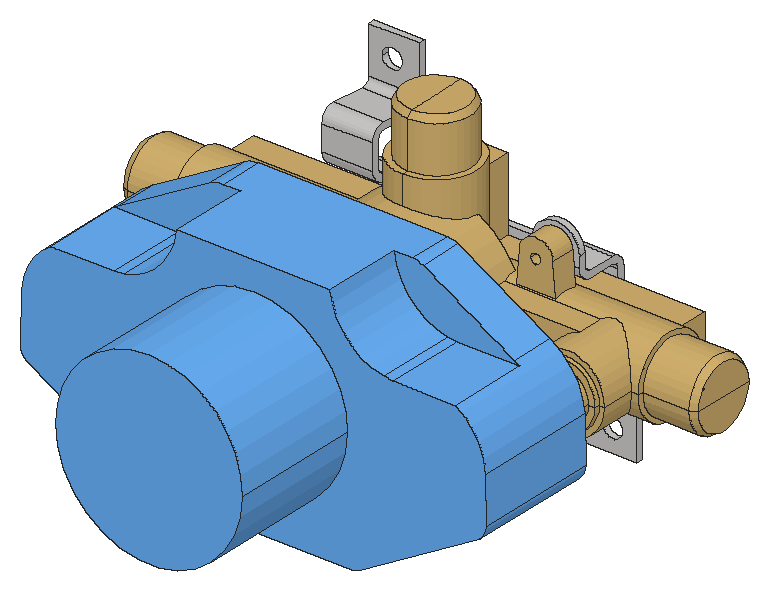
Revit family "Rough_In_Valve-GROHE-Grohtherm-35015001", category Pipe Accessories, Revit 2014
Parameters (values of type "35015001")
  Width = 6 13/16"
  Waste Connection = no
  Warranty Information = "Limited Lifetime Warranty"
  WFU = 4
  Vent Connection = no
  URL = "https://www.grohe.us"
  Tempered Water Connection Diameter = 1/2"
  Product Page URL = "https://www.grohe.us/en_us/universal-pressure-balance-rough-in-valve-35015001.html"
  Price = "Prices may vary. Please consult Manufacturer Representative for most up-to-date price list."  # constant formula
  Model = "35015001"
  Material = "Copper-Grohe-000-Brass"
  Manufacturer = "GROHE"
  Installation Type = "Wall Installation"
  IAPMO Compliance = "cUPC"
  Hot Water Connection Diameter = 1/2"
  Height = 4 1/8"
  HWFU = 3
  HW Connection = yes
  Flow Rate = "(top port) 5.5 gpm at 45 psi (21 l/min), (bottom port) 5.8 gpm at 45 psi (22 l/min)"
  Description = "Grohsafe Universal Pressure Balance Rough-In valve"
  Default Elevation = 0"
  Creation Date = "2017/05/19"  # constant formula
  Cold Water Connection Radius = 1/4"
  Cold Water Connection Diameter = Cold Water Connection Radius * 2  # 1/2"
  CWFU = 2
  CW Connection = yes
  Assembly Code = "D2020"
Reference planes (in)
  plane 1 "Center (Front/Back)": y = 0
  plane 2: z = 0
  plane 3 "Center (Left/Right)": x = 0
  plane 4: z = 1.59375
  plane 5: z = -1.84375
  plane 6: x = -3.40625
  plane 7: x = 3.40625
Forms (in)
  Revolve 1, solid, material "Copper-Grohe-000-Brass"
    sketch origin (0, 0, 0) x (1, 0, 0) y (0, 1, 0)
      loop
        line (-3.32759, 0.41293) -> (-3.40625, 0.36751) -> (-3.40625, 0) -> (3.40625, 0) -> (3.40625, 0.36751) -> (3.32759, 0.41293) -> (2.77437, 0.41293) -> (2.77437, 0.46969) -> (-2.77437, 0.46969) -> (-2.77437, 0.41293) -> (-3.32759, 0.41293)
      axis (3.40625, 0) -> (-3.40625, 0)
    angle from 0 to 360
  Revolve 2, solid, material "Copper-Grohe-000-Brass"
    sketch origin (0, 0, 0) x (0, 1, 0) y (0, 0, 1)
      loop
        line (-0.36751, 2.01413) -> (-0.41293, 1.93546) -> (-0.41293, 1.38186) -> (-0.49152, 1.38186) -> (-0.49152, -1.38186) -> (-0.41293, -1.38186) -> (-0.41293, -1.93546) -> (-0.36751, -2.01413)
        arc (-0.36751, -2.01413) -> (-0.37169, -2.06656) -> (-0.32884, -2.09707) r 0.05332
        line (-0.32884, -2.09707) -> (0, -2.09707) -> (0, 2.01413) -> (-0.36751, 2.01413)
      axis (0, 2.01413) -> (0, -2.09707)
    angle from 0 to 360
  Extrusion 3, solid, material "Copper-Grohe-000-Brass"
    sketch origin (0, 0, 0) x (1, 0, 0) y (0, 0, 1)
      loop
        line (2.66787, 0.36072) -> (0.34261, 0.36072) -> (0.34261, 1.23355) -> (-0.34261, 1.23355) -> (-0.34261, 0.36072) -> (-2.66854, 0.36072) -> (-2.66854, -0.34458) -> (-0.34261, -0.34458) -> (-0.34261, -1.23355) -> (0.34261, -1.23355) -> (0.34261, -0.34458) -> (2.66787, -0.34458) -> (2.66787, 0.36072)
    from -0.63942 to -0.03594
  Revolve 4, solid, material "Copper-Grohe-000-Brass"
    sketch origin (0, 0, 0) x (1, 0, 0) y (0, 1, 0)
      loop
        line (-2.61064, -0.90857) -> (-2.52753, -0.90857) -> (-2.52753, -1.08893) -> (-2.49792, -1.10603) -> (-2.45285, -1.10603) -> (-2.39129, -1.14157) -> (-2.39129, -1.2403) -> (-2.22147, -1.2403) -> (-2.22147, 0) -> (-2.67976, 0) -> (-2.67976, -0.84933) -> (-2.61064, -0.84933) -> (-2.61064, -0.90857)
      axis (-2.22147, -1.2403) -> (-2.22147, 0)
    angle from 0 to 360
  Extrusion 5, solid, material "Copper-Grohe-000-Brass"
    sketch origin (0, 0, 0) x (1, 0, 0) y (0, 1, 0)
      loop
        line (-2.22147, -0.48266) -> (2.22147, -0.48266) -> (2.22147, 0) -> (-2.22147, 0) -> (-2.22147, -0.48266)
    from -0.41165 to 0.43914
  Extrusion 6, solid, material "Copper-Grohe-000-Brass"
    sketch origin (0, 0, 0) x (1, 0, 0) y (0, 0, 1)
      loop
        line (1.0315, 0) -> (1.57873, 0) -> (1.50598, 0.83147)
        arc (1.50598, 0.83147) -> (1.30511, 1.01553) -> (1.10424, 0.83147) r 0.20164
        line (1.10424, 0.83147) -> (1.0315, 0)
      loop
        circle (1.30326, 0.78986) r 0.05924
      loop
        line (-1.0315, 0) -> (-1.57873, 0) -> (-1.50598, -0.83147)
        arc (-1.50598, -0.83147) -> (-1.30511, -1.01553) -> (-1.10424, -0.83147) r 0.20164
        line (-1.10424, -0.83147) -> (-1.0315, 0)
      loop
        circle (-1.30326, -0.78986) r 0.05924
    from -0.13676 to 0.14667
  Extrusion 7, solid, material "Copper-Grohe-000-Brass"
    sketch origin (0, 0, 0) x (1, 0, 0) y (0, 0, 1)
      loop
        circle (0, 0) r 1.04162
    from 0 to 1.2403
  Extrusion 8, solid, material "Plastic-GROHE-Blue"
    sketch origin (0, 0, 0) x (1, 0, 0) y (0, 0, 1)
      loop
        arc (-1.10453, 1.4415) -> (-1.19275, 1.42989) -> (-1.27496, 1.39584) r 0.34087
        line (-1.27496, 1.39584) -> (-2.35789, 0.77061)
        arc (-2.35789, 0.77061) -> (-2.62889, 0.51251) -> (-2.75191, 0.15906) r 0.7956
        arc (-2.75191, 0.15906) -> (-2.76924, -0.13193) -> (-2.76441, -0.42339) r 3.834
        arc (-2.76441, -0.42339) -> (-2.73303, -0.524) -> (-2.65758, -0.59759) r 0.21487
        line (-2.65758, -0.59759) -> (-1.296, -1.38645)
        arc (-1.296, -1.38645) -> (-1.19721, -1.42751) -> (-1.09115, -1.44151) r 0.40863
        line (-1.09115, -1.44151) -> (1.10204, -1.44151)
        arc (1.10204, -1.44151) -> (1.19758, -1.42889) -> (1.28657, -1.39192) r 0.36809
        line (1.28657, -1.39192) -> (2.65034, -0.60178)
        arc (2.65034, -0.60178) -> (2.73135, -0.52268) -> (2.76488, -0.41452) r 0.23033
        arc (2.76488, -0.41452) -> (2.7694, -0.14012) -> (2.75428, 0.1339) r 3.834
        arc (2.75428, 0.1339) -> (2.62627, 0.50764) -> (2.34065, 0.78056) r 0.83416
        line (2.34065, 0.78056) -> (1.255, 1.40736)
        arc (1.255, 1.40736) -> (1.19354, 1.43282) -> (1.12757, 1.4415) r 0.25486
        line (1.12757, 1.4415) -> (-1.10453, 1.4415)
    from 1.2403 to 2.70549
  Extrusion 9, solid, material "Plastic-GROHE-Blue"
    sketch origin (0, 0, 0) x (1, 0, 0) y (0, 0, 1)
      loop
        circle (0, 0) r 1.10978
    from 1.56952 to 4.25191
  Extrusion 10, void
    sketch origin (0, 0, -0.03125) x (1, 0, 0) y (0, 0, 1)
      loop
        line (-0.92332, 1.74104) -> (-2.5331, 0.77379) -> (-1.65337, 0.77379)
        arc (-1.65337, 0.77379) -> (-1.59803, 0.77636) -> (-1.54316, 0.78407) r 0.59589
        arc (-1.54316, 0.78407) -> (-1.02811, 1.12969) -> (-0.92332, 1.74104) r 0.7871
      loop
        arc (0.92332, 1.74104) -> (1.02811, 1.12969) -> (1.54316, 0.78407) r 0.7871
        arc (1.54316, 0.78407) -> (1.59803, 0.77636) -> (1.65337, 0.77379) r 0.59589
        line (1.65337, 0.77379) -> (2.5331, 0.77379) -> (0.92332, 1.74104)
    from 1.75834 to 4.27974
  Extrusion 11, solid, material "Metal-Grohe-Stainless Steel"
    sketch origin (0, 0, 0) x (0, 1, 0) y (0, 0, 1)
      loop
        line (1.06607, 1.77717) -> (0.98709, 1.77717) -> (0.98709, 1.2166)
        arc (0.98709, 1.2166) -> (0.95965, 1.15426) -> (0.89515, 1.13236) r 0.08456
        line (0.89515, 1.13236) -> (0.46153, 1.1703)
        arc (0.46153, 1.1703) -> (0.34537, 1.13087) -> (0.29596, 1.01858) r 0.15229
        line (0.29596, 1.01858) -> (0.29596, 0.71479)
        arc (0.29596, 0.71479) -> (0.34338, 0.60031) -> (0.45785, 0.5529) r 0.16189
        line (0.45785, 0.5529) -> (0.62062, 0.5529)
        arc (0.62062, 0.5529) -> (0.68427, 0.52653) -> (0.71064, 0.46288) r 0.09002
        line (0.71064, 0.46288) -> (0.71064, -0.41165)
        arc (0.71064, -0.41165) -> (0.68662, -0.46964) -> (0.62863, -0.49366) r 0.08201
        line (0.62863, -0.49366) -> (0.30351, -0.49366)
        arc (0.30351, -0.49366) -> (0.18647, -0.54214) -> (0.13799, -0.65918) r 0.16552
        line (0.13799, -0.65918) -> (0.13799, -1.10361) -> (0.21698, -1.10361) -> (0.21698, -0.65903)
        arc (0.21698, -0.65903) -> (0.24228, -0.59795) -> (0.30336, -0.57264) r 0.08638
        line (0.30336, -0.57264) -> (0.62928, -0.57264)
        arc (0.62928, -0.57264) -> (0.74266, -0.52568) -> (0.78962, -0.4123) r 0.16034
        line (0.78962, -0.4123) -> (0.78962, 0.46666)
        arc (0.78962, 0.46666) -> (0.74123, 0.58349) -> (0.6244, 0.63188) r 0.16523
        line (0.6244, 0.63188) -> (0.46355, 0.63188)
        arc (0.46355, 0.63188) -> (0.4009, 0.65784) -> (0.37495, 0.72049) r 0.0886
        line (0.37495, 0.72049) -> (0.37495, 1.0005)
        arc (0.37495, 1.0005) -> (0.40411, 1.06676) -> (0.47266, 1.09004) r 0.08988
        line (0.47266, 1.09004) -> (0.88712, 1.05378)
        arc (0.88712, 1.05378) -> (1.01267, 1.09639) -> (1.06607, 1.21775) r 0.1646
        line (1.06607, 1.21775) -> (1.06607, 1.77717)
    from -1.58752 to -0.98823
  Extrusion 12, void
    sketch origin (0, 0, 0) x (1, 0, 0) y (0, 0, 1)
      loop
        circle (-1.3064, 1.49797) r 0.12011
      loop
        arc (-0.95226, -0.38918) -> (-1.01461, -0.4442) -> (-1.02984, -0.52595) r 0.12765
        line (-1.02984, -0.52595) -> (-1.02984, -0.78877)
        arc (-1.02984, -0.78877) -> (-1.30868, -1.06761) -> (-1.58752, -0.78877) r 0.27884
        line (-1.58752, -0.78877) -> (-1.58752, -0.54197) -> (-1.68319, -0.54197) -> (-1.68319, -1.16213) -> (-0.95226, -1.16213) -> (-0.95226, -0.38918)
      loop
        circle (-1.30326, -0.78986) r 0.15672
    from -1.33329 to -0.06554
  Extrusion 13, solid, material "Metal-Grohe-Stainless Steel"
    sketch origin (0, 0, 0) x (0, 1, 0) y (0, 0, -1)
      loop
        line (1.06607, 1.77717) -> (0.98709, 1.77717) -> (0.98709, 1.2166)
        arc (0.98709, 1.2166) -> (0.95965, 1.15426) -> (0.89515, 1.13236) r 0.08456
        line (0.89515, 1.13236) -> (0.46153, 1.1703)
        arc (0.46153, 1.1703) -> (0.34537, 1.13087) -> (0.29596, 1.01858) r 0.15229
        line (0.29596, 1.01858) -> (0.29596, 0.71479)
        arc (0.29596, 0.71479) -> (0.34338, 0.60031) -> (0.45785, 0.5529) r 0.16189
        line (0.45785, 0.5529) -> (0.62062, 0.5529)
        arc (0.62062, 0.5529) -> (0.68427, 0.52653) -> (0.71064, 0.46288) r 0.09002
        line (0.71064, 0.46288) -> (0.71064, -0.41165)
        arc (0.71064, -0.41165) -> (0.68662, -0.46964) -> (0.62863, -0.49366) r 0.08201
        line (0.62863, -0.49366) -> (0.30351, -0.49366)
        arc (0.30351, -0.49366) -> (0.18647, -0.54214) -> (0.13799, -0.65918) r 0.16552
        line (0.13799, -0.65918) -> (0.13799, -1.10361) -> (0.21698, -1.10361) -> (0.21698, -0.65903)
        arc (0.21698, -0.65903) -> (0.24228, -0.59795) -> (0.30336, -0.57264) r 0.08638
        line (0.30336, -0.57264) -> (0.62928, -0.57264)
        arc (0.62928, -0.57264) -> (0.74266, -0.52568) -> (0.78962, -0.4123) r 0.16034
        line (0.78962, -0.4123) -> (0.78962, 0.46666)
        arc (0.78962, 0.46666) -> (0.74123, 0.58349) -> (0.6244, 0.63188) r 0.16523
        line (0.6244, 0.63188) -> (0.46355, 0.63188)
        arc (0.46355, 0.63188) -> (0.4009, 0.65784) -> (0.37495, 0.72049) r 0.0886
        line (0.37495, 0.72049) -> (0.37495, 1.0005)
        arc (0.37495, 1.0005) -> (0.40411, 1.06676) -> (0.47266, 1.09004) r 0.08988
        line (0.47266, 1.09004) -> (0.88712, 1.05378)
        arc (0.88712, 1.05378) -> (1.01267, 1.09639) -> (1.06607, 1.21775) r 0.1646
        line (1.06607, 1.21775) -> (1.06607, 1.77717)
    from -1.58752 to -0.98823
  Extrusion 14, void
    sketch origin (0, 0, 0) x (-1, 0, 0) y (0, 0, -1)
      loop
        circle (-1.3064, 1.49797) r 0.12011
      loop
        arc (-0.95226, -0.38918) -> (-1.01461, -0.4442) -> (-1.02984, -0.52595) r 0.12765
        line (-1.02984, -0.52595) -> (-1.02984, -0.78877)
        arc (-1.02984, -0.78877) -> (-1.30868, -1.06761) -> (-1.58752, -0.78877) r 0.27884
        line (-1.58752, -0.78877) -> (-1.58752, -0.54197) -> (-1.68319, -0.54197) -> (-1.68319, -1.16213) -> (-0.95226, -1.16213) -> (-0.95226, -0.38918)
      loop
        circle (-1.30326, -0.78986) r 0.15672
    from -1.33329 to -0.06554
  Extrusion 15, solid, material "Metal-Grohe-Stainless Steel"
    sketch origin (0, 0, 0) x (1, 0, 0) y (0, 0, 1)
      loop
        line (1.08831, 0.41165) -> (-1.07848, 0.41165) -> (-1.07848, -0.41165) -> (1.08831, -0.41165) -> (1.08831, 0.41165)
    from -0.78962 to -0.71064
  Revolve 16, solid, material "Copper-Grohe-000-Brass"
    sketch origin (0, 0, 0) x (-1, 0, 0) y (0, 1, 0)
      loop
        line (-2.61064, -0.90857) -> (-2.52753, -0.90857) -> (-2.52753, -1.08893) -> (-2.49792, -1.10603) -> (-2.45285, -1.10603) -> (-2.39129, -1.14157) -> (-2.39129, -1.2403) -> (-2.22147, -1.2403) -> (-2.22147, 0) -> (-2.67976, 0) -> (-2.67976, -0.84933) -> (-2.61064, -0.84933) -> (-2.61064, -0.90857)
      axis (-2.22147, -1.2403) -> (-2.22147, 0)
    angle from 0 to 360
Cuts and joins
  Extrusion 10, Extrusion 12 cuts Extrusion 8
  Extrusion 12 cuts Extrusion 9
  joined: Extrusion 8, Extrusion 9
  Extrusion 10 cuts Revolve 1
  Extrusion 10, Extrusion 14 cuts Revolve 2
  Extrusion 10, Extrusion 14 cuts Extrusion 3
  Extrusion 10, Extrusion 14 cuts Extrusion 5
  Extrusion 10, Extrusion 14 cuts Extrusion 6
  Extrusion 12 cuts Extrusion 7
  joined: Revolve 1, Revolve 2, Extrusion 3, Revolve 4, Extrusion 5, Extrusion 6, Extrusion 7, Revolve 16
  Extrusion 12, Extrusion 14 cuts Extrusion 11
  Extrusion 14 cuts Extrusion 13
  joined: Extrusion 11, Extrusion 13, Extrusion 15
Lines and regions (in)
  Masking region 1
    outline origin (0, 0, 0) x (1, 0, 0) y (0, 1, 0)
      loop
        line (-2.77012, -2.70549) -> (-1.10978, -2.70549) -> (-1.10978, -4.25191) -> (1.10978, -4.25191) -> (1.10978, -2.70549) -> (2.77012, -2.70549) -> (2.77012, -1.2403) -> (2.39129, -1.2403) -> (2.39129, -1.14157) -> (2.45285, -1.10603) -> (2.49792, -1.10603) -> (2.52753, -1.08893) -> (2.52753, -0.90857) -> (2.61064, -0.90857) -> (2.61064, -0.84933) -> (2.67976, -0.84933) -> (2.67976, -0.46969) -> (2.77437, -0.46969) -> (2.77437, -0.41293) -> (3.32759, -0.41293) -> (3.40625, -0.36751) -> (3.40625, 0.36751) -> (3.32759, 0.41293) -> (2.77437, 0.41293) -> (2.77437, 0.46969) -> (2.66854, 0.46969) -> (2.66854, 0.63942) -> (1.58752, 0.63942) -> (1.58752, 1.06607) -> (0.98823, 1.06607) -> (0.98823, 0.78962) -> (-0.98823, 0.78962) -> (-0.98823, 1.06607) -> (-1.58752, 1.06607) -> (-1.58752, 0.63942) -> (-2.66854, 0.63942) -> (-2.66854, 0.46969) -> (-2.77437, 0.46969) -> (-2.77437, 0.41293) -> (-3.32759, 0.41293) -> (-3.40625, 0.36751) -> (-3.40625, -0.36751) -> (-3.32759, -0.41293) -> (-2.77437, -0.41293) -> (-2.77437, -0.46969) -> (-2.67976, -0.46969) -> (-2.67976, -0.84933) -> (-2.61064, -0.84933) -> (-2.61064, -0.90857) -> (-2.52753, -0.90857) -> (-2.52753, -1.08893) -> (-2.49792, -1.10603) -> (-2.45285, -1.10603) -> (-2.39129, -1.14157) -> (-2.39129, -1.2403) -> (-2.77012, -1.2403) -> (-2.77012, -2.70549)
      loop
        line (-2.05165, -1.2403) -> (-1.04162, -1.2403) -> (-1.04162, -0.48266) -> (-1.76318, -0.48266) -> (-1.76318, -0.84933) -> (-1.83229, -0.84933) -> (-1.83229, -0.90857) -> (-1.91541, -0.90857) -> (-1.91541, -1.08893) -> (-1.94502, -1.10603) -> (-1.99009, -1.10603) -> (-2.05165, -1.14157) -> (-2.05165, -1.2403)
      loop
        line (2.05165, -1.2403) -> (2.05165, -1.14157) -> (1.99009, -1.10603) -> (1.94502, -1.10603) -> (1.91541, -1.08893) -> (1.91541, -0.90857) -> (1.83229, -0.90857) -> (1.83229, -0.84933) -> (1.76318, -0.84933) -> (1.76318, -0.48266) -> (1.04162, -0.48266) -> (1.04162, -1.2403) -> (2.05165, -1.2403)
  symbolic lines, style "PlumbingFixtures", detail levels medium+fine
    curve 1: line (-2.39129, -1.2403, 0) -> (-2.05165, -1.2403, 0)
    curve 2: line (-1.04162, -1.2403, 0) -> (1.04162, -1.2403, 0)
    curve 3: line (2.05165, -1.2403, 0) -> (2.39129, -1.2403, 0)
    curve 4: line (-1.10978, -2.70549, 0) -> (1.10978, -2.70549, 0)
    curve 5: circle (0, 0, 0) r 0.49152 normal (0, 0, 1)
    curve 6: line (-1.58752, 0.63942, 0) -> (-0.98823, 0.63942, 0)
    curve 7: line (-0.98823, 0.63942, 0) -> (-0.98823, 0.71064, 0)
    curve 8: line (-0.98823, 0.71064, 0) -> (0.98823, 0.71064, 0)
    curve 9: line (0.98823, 0.30082, 0) -> (0.98823, 0.71064, 0)
    curve 10: line (1.53969, -0.14667, 0) -> (1.07054, -0.14667, 0)
    curve 11: line (1.07054, -0.14667, 0) -> (1.07054, 0.1384, 0)
    curve 12: line (1.07054, 0.1384, 0) -> (1.02984, 0.1384, 0)
    curve 13: line (1.02984, 0.1384, 0) -> (1.02984, 0.30082, 0)
    curve 14: line (1.02984, 0.30082, 0) -> (0.98823, 0.30082, 0)
    curve 15: line (1.53969, -0.14667, 0) -> (1.53969, 0.13764, 0)
    curve 16: line (1.53969, 0.13764, 0) -> (1.58752, 0.13764, 0)
    curve 17: line (1.58752, 0.13764, 0) -> (1.58752, 0.63942, 0)
    curve 18: line (-0.98823, 0.63942, 0) -> (0.98823, 0.63942, 0)
  symbolic lines, style "PlumbingFixtures", detail levels fine
    curve 19: line (-3.32759, -0.41293, 0) -> (-3.32759, 0.41293, 0)
    curve 20: line (-2.77437, -0.41293, 0) -> (-2.77437, 0.41293, 0)
    curve 21: line (-2.39129, -1.14157, 0) -> (-2.05165, -1.14157, 0)
    curve 22: line (-2.45285, -1.10603, 0) -> (-1.99009, -1.10603, 0)
    curve 23: line (-2.52753, -1.08893, 0) -> (-1.91541, -1.08893, 0)
    curve 24: line (-2.52753, -0.90857, 0) -> (-1.91541, -0.90857, 0)
    curve 25: line (-2.61064, -0.84933, 0) -> (-1.83229, -0.84933, 0)
    curve 26: line (-1.76318, -0.48266, 0) -> (-2.09037, -0.48266, 0)
    curve 27: line (-2.09037, -0.48266, 0) -> (-2.09037, -0.16664, 0)
    curve 28: line (-2.09037, -0.16664, 0) -> (-0.94453, -0.16664, 0)
    curve 30: line (-0.92971, 0, 0) -> (-0.49152, 0, 0)
    curve 31: line (-1.04162, -0.48266, 0) -> (-0.94453, -0.48266, 0)
    curve 32: line (-0.94453, -0.48266, 0) -> (-0.94453, -0.16664, 0)
    curve 33: line (-2.66854, 0.46969, 0) -> (-2.66854, 0.30082, 0)
    curve 34: line (-2.66854, 0.30082, 0) -> (-0.38872, 0.30082, 0)
    curve 35: line (-0.34261, 0.63942, 0) -> (-0.34261, 0.35244, 0)
    curve 36: line (-1.58752, 0.98709, 0) -> (-0.98823, 0.98709, 0)
    curve 37: line (0.98823, 0.98709, 0) -> (1.58752, 0.98709, 0)
    curve 38: line (1.02984, 0.21961, 0) -> (1.58752, 0.21961, 0)
    curve 39: line (1.07054, 0.1384, 0) -> (1.54148, 0.1384, 0)
    curve 42: line (-2.40297, -2.70549, 0) -> (-2.40297, -1.75834, 0)
    curve 43: line (-2.40297, -1.75834, 0) -> (-0.90623, -1.75834, 0)
    curve 44: line (-0.90623, -1.75834, 0) -> (-0.90623, -2.70549, 0)
    curve 45: circle (0, 0, 0) r 0.32884 normal (0, 0, 1)
    curve 46: circle (0, 0, 0) r 0.36751 normal (0, 0, 1)
    curve 47: line (3.32759, -0.41293, 0) -> (3.32759, 0.41293, 0)
    curve 48: line (2.77437, -0.41293, 0) -> (2.77437, 0.41293, 0)
    curve 49: line (2.39129, -1.14157, 0) -> (2.05165, -1.14157, 0)
    curve 50: line (2.45285, -1.10603, 0) -> (1.99009, -1.10603, 0)
    curve 51: line (2.52753, -1.08893, 0) -> (1.91541, -1.08893, 0)
    curve 52: line (2.52753, -0.90857, 0) -> (1.91541, -0.90857, 0)
    curve 53: line (2.61064, -0.84933, 0) -> (1.83229, -0.84933, 0)
    curve 54: line (1.76318, -0.48266, 0) -> (2.09037, -0.48266, 0)
    curve 55: line (2.09037, -0.48266, 0) -> (2.09037, -0.16664, 0)
    curve 56: line (2.09037, -0.16664, 0) -> (0.94453, -0.16664, 0)
    curve 58: line (0.92971, 0, 0) -> (0.49152, 0, 0)
    curve 59: line (1.04162, -0.48266, 0) -> (0.94453, -0.48266, 0)
    curve 60: line (0.94453, -0.48266, 0) -> (0.94453, -0.16664, 0)
    curve 61: line (2.66854, 0.46969, 0) -> (2.66854, 0.30082, 0)
    curve 62: line (2.66854, 0.30082, 0) -> (1.58752, 0.30082, 0)
    curve 63: line (0.34261, 0.63942, 0) -> (0.34261, 0.35244, 0)
    curve 66: line (0.98823, 0.30082, 0) -> (0.38872, 0.30082, 0)
    curve 67: line (2.40297, -2.70549, 0) -> (2.40297, -1.75834, 0)
    curve 68: line (2.40297, -1.75834, 0) -> (0.90623, -1.75834, 0)
    curve 69: line (0.90623, -1.75834, 0) -> (0.90623, -2.70549, 0)
  symbolic lines, detail levels fine
    curve 29: arc (-0.94453, -0.16664, 0) -> (-0.93193, -0.08378, 0) -> (-0.92971, 0, 0) r 0.67374
    curve 40: arc (-2.67976, -0.46969, 0) -> (-2.49569, -0.29189, 0) -> (-2.29963, -0.12742, 0) r 3.65237
    curve 41: arc (-2.29963, -0.12742, 0) -> (-2.18614, -0.09979, 0) -> (-2.09037, -0.16664, 0) r 0.14192
    curve 57: arc (0.94453, -0.16664, 0) -> (0.93193, -0.08378, 0) -> (0.92971, 0, 0) r 0.67374
    curve 64: arc (2.67976, -0.46969, 0) -> (2.49569, -0.29189, 0) -> (2.29963, -0.12742, 0) r 3.65237
    curve 65: arc (2.29963, -0.12742, 0) -> (2.18614, -0.09979, 0) -> (2.09037, -0.16664, 0) r 0.14192
Dimensions and locks (in)
  equal spacing: plane 6, plane 3 "Center (Left/Right)", plane 7
  "Width": plane 6 to plane 7
Automatic sketch dimensions
  plane 1 "Center (Front/Back)" to Revolve 1 sketch curve = 0"  (x2)
  Revolve 1 sketch curve to plane 6 = 0"
  Revolve 1 sketch curve to plane 7 = 0"
  plane 6 to Revolve 1 sketch curve = 0.07866"
  Revolve 1 sketch curve to Revolve 1 sketch curve = 0.55322"
  plane 7 to Revolve 1 sketch curve = 0.63188"
  plane 7 to Revolve 1 sketch curve = 0.07866"
  Revolve 1 sketch curve to plane 1 "Center (Front/Back)" = 0.36751"  (x2)
  Revolve 1 sketch curve to plane 1 "Center (Front/Back)" = 0.41293"  (x2)
  Revolve 1 sketch curve to Revolve 1 sketch curve = 0.05676"
  Revolve 1 sketch curve to Revolve 1 sketch curve = 0.35588"
  Revolve 1 sketch curve to Revolve 1 sketch curve = 0.6161"
  Revolve 2 sketch curve to plane 1 "Center (Front/Back)" = 0"  (x2)
  plane 1 "Center (Front/Back)" to Revolve 2 sketch curve = 0.32336"
  Revolve 2 sketch curve to Revolve 2 sketch curve = 0.00548"
  plane 1 "Center (Front/Back)" to Revolve 2 sketch curve = 0.36751"
  Revolve 2 sketch curve to plane 5 = 0.17038"
  Revolve 2 sketch curve to Revolve 2 sketch curve = 0.04415"
  plane 1 "Center (Front/Back)" to Revolve 2 sketch curve = 0.41293"
  Revolve 2 sketch curve to Revolve 2 sketch curve = 0.04542"
  Revolve 2 sketch curve to Revolve 2 sketch curve = 0.07859"
  Revolve 2 sketch curve to Revolve 2 sketch curve = 0.0299"
  Revolve 2 sketch curve to Revolve 2 sketch curve = 0.07867"  (x2)
  plane 5 to Revolve 2 sketch curve = 0.46189"
  Revolve 2 sketch curve to plane 4 = 0.21189"
  plane 4 to Revolve 2 sketch curve = 0.34171"
  Revolve 2 sketch curve to Revolve 2 sketch curve = 0.29509"
  Revolve 2 sketch curve to Revolve 2 sketch curve = 0.6856"
  Extrusion 3 sketch curve to level = 0.34458"  (x2)
  plane 6 to Extrusion 3 sketch curve = 0.73771"
  Extrusion 3 sketch curve to plane 3 "Center (Left/Right)" = 0.34261"  (x2)
  plane 3 "Center (Left/Right)" to Extrusion 3 sketch curve = 0.34261"  (x2)
  plane 7 to Extrusion 3 sketch curve = 0.73838"
  plane 5 to Extrusion 3 sketch curve = 0.6102"
  level to Extrusion 3 sketch curve = 0.36072"  (x2)
  Extrusion 3 sketch curve to plane 4 = 0.3602"
  plane 1 "Center (Front/Back)" to Revolve 4 sketch curve = 0"
  plane 6 to Revolve 4 sketch curve = 0.72649"
  Revolve 4 sketch curve to Revolve 4 sketch curve = 0.06911"
  Revolve 4 sketch curve to Revolve 4 sketch curve = 0.08312"
  Revolve 4 sketch curve to Revolve 4 sketch curve = 0.02961"
  Revolve 4 sketch curve to Revolve 4 sketch curve = 0.04507"
  Revolve 4 sketch curve to Revolve 4 sketch curve = 0.06156"
  Revolve 4 sketch curve to Revolve 4 sketch curve = 0.45829"
  plane 1 "Center (Front/Back)" to Revolve 4 sketch curve = 0.84933"
  Revolve 4 sketch curve to Revolve 4 sketch curve = 0.05924"
  Revolve 4 sketch curve to Revolve 4 sketch curve = 0.18037"
  Revolve 4 sketch curve to Revolve 4 sketch curve = 0.0171"
  Revolve 4 sketch curve to Revolve 4 sketch curve = 0.03554"
  Revolve 4 sketch curve to Revolve 4 sketch curve = 0.09873"
  Revolve 4 sketch curve to Revolve 4 sketch curve = 0"
  Revolve 4 sketch curve to Revolve 4 sketch curve = 0.08708"
  Revolve 4 sketch curve to plane 1 "Center (Front/Back)" = 1.03973"
  plane 1 "Center (Front/Back)" to Extrusion 5 sketch curve = 0"
  plane 6 to Extrusion 5 sketch curve = 1.18478"
  plane 7 to Extrusion 5 sketch curve = 1.18478"
  Extrusion 5 sketch curve to Extrusion 5 sketch curve = 0.48266"
  Extrusion 6 sketch curve to level = 0"  (x2)
  Extrusion 6 sketch curve to plane 3 "Center (Left/Right)" = 1.57873"
  Extrusion 6 sketch curve to Extrusion 6 sketch curve = 0.07274"  (x2)
  Extrusion 6 sketch curve to Extrusion 6 sketch curve = 0.20087"  (x3)
  Extrusion 6 sketch curve to Extrusion 6 sketch curve = 0.00185"  (x2)
  Extrusion 6 sketch curve to level = 0.83147"
  Extrusion 6 sketch curve to Extrusion 6 sketch curve = 0.54723"  (x2)
  plane 3 "Center (Left/Right)" to Extrusion 6 sketch curve = 1.0315"
  Extrusion 6 sketch curve to Extrusion 6 sketch curve = 0.19902"
  Extrusion 6 sketch curve to plane 4 = 0.76228"
  Extrusion 6 sketch curve to Extrusion 6 sketch curve = 0.01757"
  Extrusion 6 sketch curve to Extrusion 6 sketch curve = 0.02404"  (x2)
  Extrusion 6 sketch curve to Extrusion 6 sketch curve = 0.04161"
  Extrusion 7 sketch curve to level = 0"
  Extrusion 7 sketch curve to plane 3 "Center (Left/Right)" = 0"
  plane 6 to Extrusion 8 sketch curve = 0.74867"
  Extrusion 8 sketch curve to Extrusion 8 sketch curve = 0.10772"
  plane 6 to Extrusion 8 sketch curve = 1.04836"
  level to Extrusion 8 sketch curve = 0.0816"
  Extrusion 8 sketch curve to Extrusion 8 sketch curve = 0.58977"
  plane 5 to Extrusion 8 sketch curve = 0.4573"
  Extrusion 8 sketch curve to plane 3 "Center (Left/Right)" = 1.296"
  Extrusion 8 sketch curve to plane 4 = 0.19791"
  Extrusion 8 sketch curve to Extrusion 8 sketch curve = 1.08292"
  Extrusion 8 sketch curve to plane 4 = 0.15225"
  Extrusion 8 sketch curve to Extrusion 8 sketch curve = 0.17044"
  Extrusion 8 sketch curve to Extrusion 8 sketch curve = 0.20485"
  Extrusion 8 sketch curve to level = 0.21421"  (x2)
  Extrusion 8 sketch curve to Extrusion 8 sketch curve = 0.02726"
  plane 3 "Center (Left/Right)" to Extrusion 8 sketch curve = 1.06388"
  plane 3 "Center (Left/Right)" to Extrusion 8 sketch curve = 1.10204"
  Extrusion 8 sketch curve to plane 4 = 0.4071"
  plane 3 "Center (Left/Right)" to Extrusion 8 sketch curve = 1.12757"
  Extrusion 8 sketch curve to plane 4 = 0.18639"
  plane 5 to Extrusion 8 sketch curve = 0.45183"
  Extrusion 8 sketch curve to Extrusion 8 sketch curve = 0.18453"
  level to Extrusion 8 sketch curve = 0.05816"
  Extrusion 8 sketch curve to Extrusion 8 sketch curve = 0.85969"
  Extrusion 8 sketch curve to Extrusion 8 sketch curve = 0.41708"
  Extrusion 8 sketch curve to Extrusion 8 sketch curve = 0.6113"
  Extrusion 8 sketch curve to Extrusion 8 sketch curve = 0.11547"
  Extrusion 8 sketch curve to Extrusion 8 sketch curve = 0.04959"
  Extrusion 8 sketch curve to level = 0.60178"
  Extrusion 8 sketch curve to level = 0.59759"
  Extrusion 8 sketch curve to Extrusion 8 sketch curve = 0.18592"
  Extrusion 8 sketch curve to Extrusion 8 sketch curve = 0.19929"
  level to Extrusion 8 sketch curve = 0.77061"
  level to Extrusion 8 sketch curve = 0.78056"
  Extrusion 8 sketch curve to Extrusion 8 sketch curve = 0"  (x2)
  Extrusion 9 sketch curve to level = 0"
  Extrusion 9 sketch curve to plane 3 "Center (Left/Right)" = 0"
  plane 6 to Extrusion 10 sketch curve = 0.87315"
  Extrusion 10 sketch curve to plane 4 = 0.06741"  (x2)
  Extrusion 10 sketch curve to Extrusion 10 sketch curve = 0.84436"
  level to Extrusion 10 sketch curve = 0.74254"  (x2)
  Extrusion 10 sketch curve to Extrusion 10 sketch curve = 0.03537"  (x2)
  plane 4 to Extrusion 10 sketch curve = 0.11604"  (x2)
  Extrusion 10 sketch curve to Extrusion 10 sketch curve = 0.76542"
  plane 3 "Center (Left/Right)" to Extrusion 10 sketch curve = 0.92332"
  Extrusion 10 sketch curve to plane 4 = 0.25532"
  Extrusion 10 sketch curve to Extrusion 10 sketch curve = 0.73006"
  plane 7 to Extrusion 10 sketch curve = 0.87315"
  Extrusion 10 sketch curve to Extrusion 10 sketch curve = 0.18791"
  Extrusion 11 sketch curve to plane 1 "Center (Front/Back)" = 0.13799"
  Extrusion 11 sketch curve to Extrusion 11 sketch curve = 0.07899"  (x4)
  Extrusion 11 sketch curve to plane 1 "Center (Front/Back)" = 0.29596"
  Extrusion 11 sketch curve to Extrusion 11 sketch curve = 0.08638"
  Extrusion 11 sketch curve to Extrusion 11 sketch curve = 0.00015"
  Extrusion 11 sketch curve to Extrusion 11 sketch curve = 0.07331"
  Extrusion 11 sketch curve to Extrusion 11 sketch curve = 0.0829"
  Extrusion 11 sketch curve to Extrusion 11 sketch curve = 0.01327"
  Extrusion 11 sketch curve to Extrusion 11 sketch curve = 0.0057"  (x2)
  Extrusion 11 sketch curve to Extrusion 11 sketch curve = 0.01657"
  Extrusion 11 sketch curve to Extrusion 11 sketch curve = 0.02441"
  Extrusion 11 sketch curve to Extrusion 11 sketch curve = 0.16276"
  Extrusion 11 sketch curve to Extrusion 11 sketch curve = 0.00378"
  Extrusion 11 sketch curve to Extrusion 11 sketch curve = 0.32512"
  Extrusion 11 sketch curve to Extrusion 11 sketch curve = 0.00065"  (x2)
  Extrusion 11 sketch curve to Extrusion 11 sketch curve = 0.08136"
  Extrusion 11 sketch curve to Extrusion 11 sketch curve = 0.41446"
  Extrusion 11 sketch curve to Extrusion 11 sketch curve = 0.00803"
  Extrusion 11 sketch curve to Extrusion 11 sketch curve = 0.00632"
  Extrusion 11 sketch curve to Extrusion 11 sketch curve = 0.00105"
  plane 4 to Extrusion 11 sketch curve = 0.18342"
  Extrusion 11 sketch curve to Extrusion 11 sketch curve = 0.08562"
  Extrusion 11 sketch curve to plane 4 = 0.376"
  Extrusion 11 sketch curve to Extrusion 11 sketch curve = 0.00115"
  Extrusion 11 sketch curve to plane 4 = 0.42345"
  Extrusion 11 sketch curve to Extrusion 11 sketch curve = 0.07145"
  Extrusion 11 sketch curve to Extrusion 11 sketch curve = 0.28001"
  Extrusion 11 sketch curve to level = 0.41165"
  Extrusion 11 sketch curve to Extrusion 11 sketch curve = 0.44458"
  Extrusion 12 sketch curve to level = 0.54197"
  Extrusion 12 sketch curve to plane 3 "Center (Left/Right)" = 1.68319"
  Extrusion 12 sketch curve to Extrusion 12 sketch curve = 0.09567"
  Extrusion 12 sketch curve to Extrusion 12 sketch curve = 0.27884"
  Extrusion 12 sketch curve to plane 4 = 0.09578"
  Extrusion 12 sketch curve to plane 3 "Center (Left/Right)" = 1.3064"
  Extrusion 12 sketch curve to Extrusion 12 sketch curve = 0.00542"
  Extrusion 12 sketch curve to Extrusion 12 sketch curve = 0.07757"
  Extrusion 12 sketch curve to Extrusion 12 sketch curve = 0.12626"
  Extrusion 12 sketch curve to Extrusion 12 sketch curve = 0.24679"
  Extrusion 12 sketch curve to Extrusion 12 sketch curve = 0.00109"
  Extrusion 12 sketch curve to Extrusion 12 sketch curve = 0.37336"
  Extrusion 12 sketch curve to Extrusion 12 sketch curve = 0.26282"
  Extrusion 12 sketch curve to Extrusion 12 sketch curve = 0.01877"
  Extrusion 13 sketch curve to plane 1 "Center (Front/Back)" = 0.13799"
  Extrusion 13 sketch curve to Extrusion 13 sketch curve = 0.07899"  (x4)
  Extrusion 13 sketch curve to plane 1 "Center (Front/Back)" = 0.29596"
  Extrusion 13 sketch curve to Extrusion 13 sketch curve = 0.08638"
  Extrusion 13 sketch curve to Extrusion 13 sketch curve = 0.00015"
  Extrusion 13 sketch curve to Extrusion 13 sketch curve = 0.07331"
  Extrusion 13 sketch curve to Extrusion 13 sketch curve = 0.0829"
  Extrusion 13 sketch curve to Extrusion 13 sketch curve = 0.01327"
  Extrusion 13 sketch curve to Extrusion 13 sketch curve = 0.0057"  (x2)
  Extrusion 13 sketch curve to Extrusion 13 sketch curve = 0.01657"
  Extrusion 13 sketch curve to Extrusion 13 sketch curve = 0.02441"
  Extrusion 13 sketch curve to Extrusion 13 sketch curve = 0.16276"
  Extrusion 13 sketch curve to Extrusion 13 sketch curve = 0.00378"
  Extrusion 13 sketch curve to Extrusion 13 sketch curve = 0.32512"
  Extrusion 13 sketch curve to Extrusion 13 sketch curve = 0.00065"  (x2)
  Extrusion 13 sketch curve to Extrusion 13 sketch curve = 0.08136"
  Extrusion 13 sketch curve to Extrusion 13 sketch curve = 0.41446"
  Extrusion 13 sketch curve to Extrusion 13 sketch curve = 0.00803"
  Extrusion 13 sketch curve to Extrusion 13 sketch curve = 0.00632"
  Extrusion 13 sketch curve to Extrusion 13 sketch curve = 0.00105"
  plane 5 to Extrusion 13 sketch curve = 0.06658"
  Extrusion 13 sketch curve to Extrusion 13 sketch curve = 0.08562"
  Extrusion 13 sketch curve to Extrusion 13 sketch curve = 0.55942"
  Extrusion 13 sketch curve to Extrusion 13 sketch curve = 0.00115"
  Extrusion 13 sketch curve to Extrusion 13 sketch curve = 0.03794"
  Extrusion 13 sketch curve to Extrusion 13 sketch curve = 0.07145"
  Extrusion 13 sketch curve to Extrusion 13 sketch curve = 0.28001"
  level to Extrusion 13 sketch curve = 0.41165"
  Extrusion 13 sketch curve to Extrusion 13 sketch curve = 0.44458"
  level to Extrusion 14 sketch curve = 0.54197"
  plane 3 "Center (Left/Right)" to Extrusion 14 sketch curve = 1.68319"
  Extrusion 14 sketch curve to Extrusion 14 sketch curve = 0.09567"
  Extrusion 14 sketch curve to Extrusion 14 sketch curve = 0.27884"
  plane 5 to Extrusion 14 sketch curve = 0.34578"
  plane 3 "Center (Left/Right)" to Extrusion 14 sketch curve = 1.3064"
  Extrusion 14 sketch curve to Extrusion 14 sketch curve = 0.00542"
  Extrusion 14 sketch curve to Extrusion 14 sketch curve = 0.07757"
  Extrusion 14 sketch curve to Extrusion 14 sketch curve = 0.12626"
  Extrusion 14 sketch curve to Extrusion 14 sketch curve = 0.24679"
  Extrusion 14 sketch curve to Extrusion 14 sketch curve = 0.00109"
  Extrusion 14 sketch curve to Extrusion 14 sketch curve = 0.37336"
  Extrusion 14 sketch curve to Extrusion 14 sketch curve = 0.26282"
  Extrusion 14 sketch curve to Extrusion 14 sketch curve = 0.01877"
  level to Extrusion 15 sketch curve = 0.41165"
  Extrusion 15 sketch curve to plane 3 "Center (Left/Right)" = 1.07848"
  Extrusion 15 sketch curve to level = 0.41165"
  plane 3 "Center (Left/Right)" to Extrusion 15 sketch curve = 1.08831"
  plane 1 "Center (Front/Back)" to Revolve 16 sketch curve = 0"
  Revolve 16 sketch curve to plane 7 = 0.72649"
  Revolve 16 sketch curve to Revolve 16 sketch curve = 0.06911"
  Revolve 16 sketch curve to Revolve 16 sketch curve = 0.08312"
  Revolve 16 sketch curve to Revolve 16 sketch curve = 0.02961"
  Revolve 16 sketch curve to Revolve 16 sketch curve = 0.04507"
  Revolve 16 sketch curve to Revolve 16 sketch curve = 0.06156"
  Revolve 16 sketch curve to Revolve 16 sketch curve = 0.45829"
  Revolve 16 sketch curve to plane 1 "Center (Front/Back)" = 0.84933"
  Revolve 16 sketch curve to Revolve 16 sketch curve = 0.05924"
  Revolve 16 sketch curve to Revolve 16 sketch curve = 0.18037"
  Revolve 16 sketch curve to Revolve 16 sketch curve = 0.0171"
  Revolve 16 sketch curve to Revolve 16 sketch curve = 0.03554"
  Revolve 16 sketch curve to Revolve 16 sketch curve = 0.09873"
  Revolve 16 sketch curve to Revolve 16 sketch curve = 0"
  Revolve 16 sketch curve to Revolve 16 sketch curve = 0.08708"
  plane 1 "Center (Front/Back)" to Revolve 16 sketch curve = 1.03973"
  Masking region 1 sketch curve to plane 6 = 0"
  Masking region 1 sketch curve to plane 7 = 0"
  plane 6 to Masking region 1 sketch curve = 0.07866"  (x2)
  Masking region 1 sketch curve to Masking region 1 sketch curve = 0.55322"  (x2)
  plane 6 to Masking region 1 sketch curve = 0.63613"
  Masking region 1 sketch curve to Masking region 1 sketch curve = 0.09461"  (x2)
  Masking region 1 sketch curve to Masking region 1 sketch curve = 0.10583"  (x2)
  Masking region 1 sketch curve to Masking region 1 sketch curve = 0.06911"  (x4)
  Masking region 1 sketch curve to Masking region 1 sketch curve = 0.08312"  (x4)
  Masking region 1 sketch curve to Masking region 1 sketch curve = 0.02961"  (x4)
  Masking region 1 sketch curve to Masking region 1 sketch curve = 0.04507"  (x4)
  Masking region 1 sketch curve to Masking region 1 sketch curve = 0.06156"  (x4)
  Masking region 1 sketch curve to Masking region 1 sketch curve = 0.33964"  (x2)
  Masking region 1 sketch curve to Masking region 1 sketch curve = 1.08102"
  Masking region 1 sketch curve to plane 3 "Center (Left/Right)" = 1.10978"
  Masking region 1 sketch curve to Masking region 1 sketch curve = 0.72156"  (x2)
  Masking region 1 sketch curve to Masking region 1 sketch curve = 0.59928"  (x2)
  plane 3 "Center (Left/Right)" to Masking region 1 sketch curve = 0.98823"
  plane 3 "Center (Left/Right)" to Masking region 1 sketch curve = 1.04162"
  plane 3 "Center (Left/Right)" to Masking region 1 sketch curve = 1.10978"
  plane 7 to Masking region 1 sketch curve = 0.73771"
  Masking region 1 sketch curve to Masking region 1 sketch curve = 0.24259"
  plane 7 to Masking region 1 sketch curve = 0.07866"  (x2)
  plane 1 "Center (Front/Back)" to Masking region 1 sketch curve = 2.70549"
  Masking region 1 sketch curve to Masking region 1 sketch curve = 0"  (x3)
  plane 1 "Center (Front/Back)" to Masking region 1 sketch curve = 1.2403"  (x2)
  Masking region 1 sketch curve to Masking region 1 sketch curve = 0.09873"  (x4)
  Masking region 1 sketch curve to Masking region 1 sketch curve = 0.03554"  (x4)
  Masking region 1 sketch curve to Masking region 1 sketch curve = 0.0171"  (x4)
  Masking region 1 sketch curve to Masking region 1 sketch curve = 0.18037"  (x4)
  Masking region 1 sketch curve to Masking region 1 sketch curve = 0.05924"  (x4)
  Masking region 1 sketch curve to Masking region 1 sketch curve = 0.36666"
  plane 1 "Center (Front/Back)" to Masking region 1 sketch curve = 0.48266"
  Masking region 1 sketch curve to Masking region 1 sketch curve = 0.37964"  (x2)
  Masking region 1 sketch curve to Masking region 1 sketch curve = 0.05676"  (x4)
  Masking region 1 sketch curve to Masking region 1 sketch curve = 0.04542"  (x3)
  Masking region 1 sketch curve to plane 1 "Center (Front/Back)" = 0.36751"  (x2)
  Masking region 1 sketch curve to plane 1 "Center (Front/Back)" = 0.41293"
  Masking region 1 sketch curve to plane 1 "Center (Front/Back)" = 0.63942"  (x2)
  Masking region 1 sketch curve to Masking region 1 sketch curve = 0.15021"
  Masking region 1 sketch curve to Masking region 1 sketch curve = 0.27645"  (x2)
  Masking region 1 sketch curve to Masking region 1 sketch curve = 1.54643"
  curve 5 to curve 45 = 0"  (x2)
  curve 5 to curve 46 = 0"  (x2)
  curve 45 to curve 46 = 0"  (x2)
  plane 1 "Center (Front/Back)" to curve 29 = 0"
  plane 1 "Center (Front/Back)" to curve 5 = 0"
  curve 5 to plane 3 "Center (Left/Right)" = 0"
  plane 1 "Center (Front/Back)" to curve 58 = 0"
  curve 40 to plane 3 "Center (Left/Right)" = 0.05178"
  curve 43 to plane 3 "Center (Left/Right)" = 0.90623"
  curve 30 to plane 3 "Center (Left/Right)" = 0.92971"
  curve 28 to curve 30 = 0.01482"
  curve 8 to curve 29 = 0.05852"
  plane 1 "Center (Front/Back)" to curve 29 = 0.02411"
  curve 29 to curve 28 = 0.65849"
  curve 27 to curve 29 = 0.48735"
  curve 41 to curve 27 = 0.12192"
  plane 6 to curve 43 = 1.00328"
  curve 33 to plane 1 "Center (Front/Back)" = 0.30082"
  curve 33 to curve 41 = 0.45625"
  plane 3 "Center (Left/Right)" to curve 64 = 0.05178"
  plane 3 "Center (Left/Right)" to curve 69 = 0.90623"
  curve 46 to curve 58 = 0.92971"
  curve 57 to curve 59 = 0.01482"
  curve 58 to curve 9 = 0.05852"
  curve 9 to curve 14 = 0.0416"
  curve 57 to curve 11 = 0.12601"
  plane 1 "Center (Front/Back)" to curve 15 = 0.14667"
  curve 10 to curve 15 = 0.46915"
  curve 15 to curve 16 = 0.04783"
  plane 1 "Center (Front/Back)" to curve 57 = 0.02411"
  curve 10 to curve 57 = 0.06333"
  curve 57 to curve 56 = 0.48735"
  curve 55 to curve 65 = 0.12192"
  plane 7 to curve 68 = 1.00328"
  curve 62 to plane 1 "Center (Front/Back)" = 0.30082"
  curve 65 to curve 62 = 0.45625"
  curve 41 to curve 27 = 0.07264"
  curve 65 to curve 55 = 0.07264"
  curve 31 to curve 29 = 0.31602"
  curve 27 to curve 41 = 0.24338"
  curve 60 to curve 57 = 0.31602"
  curve 54 to curve 65 = 0.24338"
  curve 44 to curve 31 = 1.27568"
  curve 68 to curve 54 = 1.27568"
  curve 40 to curve 43 = 1.24779"
  curve 40 to curve 64 = 0"
  curve 17 to plane 1 "Center (Front/Back)" = 0.13764"
  curve 12 to plane 1 "Center (Front/Back)" = 0.1384"
  curve 12 to curve 9 = 0.16242"
  curve 6 to plane 1 "Center (Front/Back)" = 0.63942"
  curve 18 to curve 9 = 0.07122"
  curve 35 to plane 3 "Center (Left/Right)" = 0.34261"
  curve 34 to curve 35 = 0.04611"
  curve 36 to curve 7 = 0"
  curve 31 to curve 31 = 0.09709"
  curve 2 to curve 43 = 0.1354"
  curve 4 to curve 44 = 0.20355"
  curve 36 to curve 36 = 0.59928"
  curve 6 to curve 36 = 0"
  curve 26 to curve 26 = 0.32719"
  curve 25 to curve 26 = 0.06911"
  curve 23 to curve 25 = 0.08312"
  curve 24 to curve 25 = 0.08312"
  curve 22 to curve 23 = 0.07468"
  curve 21 to curve 22 = 0.06156"
  curve 1 to curve 21 = 0"
  curve 40 to curve 41 = 0"
  curve 1 to curve 1 = 0.33964"
  curve 21 to curve 1 = 0"
  curve 22 to curve 21 = 0.06156"
  curve 23 to curve 22 = 0.07468"
  curve 24 to curve 23 = 0"
  curve 25 to curve 24 = 0.08312"
  curve 40 to curve 25 = 0.06911"
  curve 20 to curve 40 = 0.09461"
  plane 6 to curve 19 = 0.07866"
  curve 63 to curve 66 = 0.04611"
  curve 37 to curve 8 = 0"
  curve 68 to curve 2 = 0.1354"
  curve 59 to curve 59 = 0.09709"
  curve 69 to curve 4 = 0.20355"
  curve 15 to curve 39 = 0.00179"
  curve 37 to curve 17 = 0"
  curve 54 to curve 54 = 0.32719"
  curve 54 to curve 53 = 0.06911"
  curve 53 to curve 51 = 0.08312"
  curve 53 to curve 52 = 0.08312"
  curve 51 to curve 50 = 0.07468"
  curve 50 to curve 3 = 0.06156"
  curve 50 to curve 49 = 0.06156"
  curve 64 to curve 65 = 0"
  curve 49 to curve 49 = 0.33964"
  curve 3 to curve 49 = 0"
  curve 49 to curve 50 = 0.06156"
  curve 50 to curve 51 = 0.07468"
  curve 52 to curve 51 = 0"
  curve 52 to curve 53 = 0.08312"
  curve 53 to curve 64 = 0.06911"
  curve 64 to curve 48 = 0.09461"
  plane 7 to curve 47 = 0.07866"
  curve 40 to curve 20 = 0.05676"
  plane 1 "Center (Front/Back)" to curve 47 = 0.41293"
  curve 64 to curve 48 = 0.05676"
  plane 1 "Center (Front/Back)" to curve 19 = 0.41293"
  curve 25 to curve 26 = 0.36666"
  curve 53 to curve 64 = 0.37964"
  curve 52 to curve 53 = 0.05924"
  curve 24 to curve 25 = 0.05924"
  curve 23 to curve 24 = 0.18037"
  curve 51 to curve 52 = 0.18037"
  curve 22 to curve 23 = 0.0171"
  curve 50 to curve 51 = 0.0171"
  curve 21 to curve 22 = 0.03554"
  curve 49 to curve 50 = 0.03554"
  curve 1 to curve 21 = 0.09873"
  curve 68 to curve 2 = 0.51804"
  curve 3 to curve 49 = 0.09873"
  curve 4 to curve 68 = 0.94714"
  curve 67 to curve 67 = 0.94714"
  curve 42 to curve 42 = 0.94714"
  curve 38 to curve 62 = 0.08121"
  curve 19 to plane 1 "Center (Front/Back)" = 0.41293"
  curve 33 to curve 20 = 0.11211"
  curve 47 to plane 1 "Center (Front/Back)" = 0.41293"
  curve 61 to curve 48 = 0.11211"
  curve 20 to curve 33 = 0.05676"
  curve 48 to curve 61 = 0.05676"
  curve 62 to curve 17 = 0.3386"
  curve 8 to curve 37 = 0.27645"
  curve 7 to curve 36 = 0.27645"
  radius of Extrusion 6 sketch curve = 0.05924"  (x2)
  radius of Extrusion 7 sketch curve = 1.04162"
  radius of Extrusion 9 sketch curve = 1.10978"
  radius of Extrusion 12 sketch curve = 0.12011"
  radius of Extrusion 12 sketch curve = 0.15672"
  radius of Extrusion 14 sketch curve = 0.12011"
  radius of Extrusion 14 sketch curve = 0.15672"
  radius of curve 45 = 0.32884"
  radius of curve 46 = 0.36751"
Connectors (in)
  piping at (0, 0, 2.01413), diameter 0.5, driven by "Tempered Water Connection Diameter"
    settings: on cut or joined group 1 (Revolve 1, Revolve 2, Extrusion 3, Revolve 4, Extrusion 5, Extrusion 6, Extrusion 7, Extrusion 10, Extrusion 12, Extrusion 14, Revolve 16), index 1, connector inside diameter 24", connector length 0", flow factor 0, pipe flow 0 GPM, pressure drop 0.00 psi, fitting loss kfactor 0, connector angle 0.00°, fixture units 0, engagement length 0", angle of deflection 0.00°, flow configuration 0, flow direction 2, fitting loss method 0, system type 29, joint type 0, gender type 0, connector reference index -1, connector utility 0, adjustable connector no, is connector primary yes, connector description "1/2\" NPT Supply Outlet"
  piping at (3.40625, 0, 0), diameter 0.5, driven by "Cold Water Connection Diameter"
    settings: on cut or joined group 1, index 2, connector inside diameter 24", connector length 0", flow factor 0, pipe flow 0 GPM, pressure drop 0.00 psi, fitting loss kfactor 0, connector angle 0.00°, fixture units 0, engagement length 0", angle of deflection 0.00°, flow configuration 0, flow direction 1, fitting loss method 0, system type 20, joint type 0, gender type 0, connector reference index -1, connector utility 0, adjustable connector no, is connector primary no, connector description "1/2\" NPT CW Inlet"
  piping at (-3.40625, 0, 0), diameter 0.5, driven by "Hot Water Connection Diameter"
    settings: on cut or joined group 1, index 3, connector inside diameter 24", connector length 0", flow factor 0, pipe flow 0 GPM, pressure drop 0.00 psi, fitting loss kfactor 0, connector angle 0.00°, fixture units 0, engagement length 0", angle of deflection 0.00°, flow configuration 0, flow direction 1, fitting loss method 0, system type 19, joint type 0, gender type 0, connector reference index -1, connector utility 0, adjustable connector no, is connector primary no, connector description "1/2\" NPT HW Inlet"
  piping at (0, 0, -2.09707), diameter 0.5, driven by "Tempered Water Connection Diameter"
    settings: on cut or joined group 1, index 4, connector inside diameter 24", connector length 0", flow factor 0, pipe flow 0 GPM, pressure drop 0.00 psi, fitting loss kfactor 0, connector angle 0.00°, fixture units 0, engagement length 0", angle of deflection 0.00°, flow configuration 0, flow direction 2, fitting loss method 0, system type 29, joint type 0, gender type 0, connector reference index -1, connector utility 0, adjustable connector no, is connector primary no, connector description "1/2\" NPT Supply Outlet"
